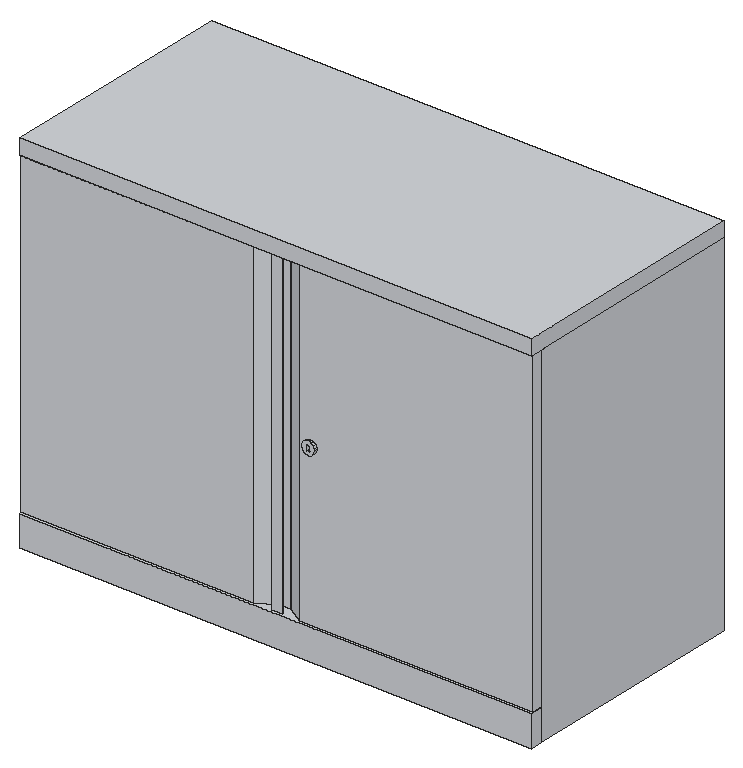
Revit family "Essentials Cupoard", category Furniture, Revit 2018
Family settings
  OmniClass Number = 23.40.20.00
  OmniClass Title = General Furniture and Specialties
  Work Plane-Based = No
  Always vertical = Yes
  Cut with Voids When Loaded = No
  Shared = No
  Room Calculation Point = No
Parameters (values of type "YECBDH1007")
  Width = 1000 mm
  Weight = ""
  Warranty = "5 Years"  # constant formula
  Uniclass2015Version = "V1.13"  # constant formula
  Uniclass2015Title = "Shelves and Storage Units"  # constant formula
  Uniclass 2015 Code = "PR_40_30_78_57"  # constant formula
  URL = "www.bisley.com"
  Training Requirements for Operational Use = "N/A"  # constant formula
  Routine Maintenance = "We recommend you clean your unit with warm water and a mild detergent solution. A damp cloth can be used to remove dust particles."  # constant formula
  Revision = "V1"  # constant formula
  Range = "Essentals"  # constant formula
  Model Reference = "YECB1007"
  Model = Model Reference  # "YECB1007"
  Manufacturer = "Bisley"  # constant formula
  Height = 718 mm
  Finish = "Powder coated Steel"  # constant formula
  Expected Life = ">5 years"  # constant formula
  Door_Material = Steel, Mild
  Door size = Doors : YECBDH1007
  Depth = 470 mm  # constant formula
  Compliance Standards Certification = "BS EN 14073-2:2004 Parts 2 and 3 and BS EN 14074:2004"  # constant formula
  Colour = "Classic"  # constant formula
  Carcass_Material = Steel, Mild
  Carcass Size = Carcass : YECBDH1007
  Author = "Bisley"  # constant formula
Types (20, lengths in mm): name | Width | URL | Model Reference | Model | Height | Door_Material | Door size | Carcass_Material | Carcass Size
  (no name) | 1000 | "www.bisley.com" | "YECB1007" | "YECB1007" | 718 | Steel, Mild | Doors : YECBDH1007 | Steel, Mild | Carcass : YECBDH1007
  YECB0807 | 800 | "www.bisley.com" | "YECB0907" | "YECB0907" | 693 | Steel, Mild | Doors : YECB0807 | Steel, Mild | Carcass : YECB0807
  YECBDH0807 | 800 | "www.bisley.com" | "YECB0807" | "YECB0807" | 718 | Steel, Mild | Doors : YECBDH0807 | Steel, Mild | Carcass : YECBDH0807
  YECB0810 | 800 | "WWW.BISLEY.COM" | "YECB0810" | "YECB0810" | 1000 | Steel, Mild | Doors : YECB0810 | Steel, Mild | Carcass : YECB0810
  YECB0811 | 800 | "www.bisley.com" | "YECB0811" | "YECB0811" | 1070 | Steel, Mild | Doors : YECB0811 | Steel, Mild | Carcass : YECB0811
  YECB0812 | 800 | "www.bisley.com" | "YECB0812" | "YECB0812" | 1270 | Steel, Mild | Doors : YECB0812 | Steel, Mild | Carcass : YECB0812
  YECB0815 | 800 | "www.bisley.com" | "YECB0815" | "YECB0815" | 1570 | Steel, Mild | Doors : YECB0815 | Steel, Mild | Carcass : YECB0815
  YECB0819 | 800 | "www.bisley.com" | "YECB0919" | "YECB0919" | 1970 | Steel, Mild | Doors : YECB0819 | Steel, Mild | Carcass : YECB0819
  YECB0910 | 900 | "www.bisley.com" | "YECB0910" | "YECB0910" | 1000 | none | Doors : YECB0910 | none | Carcass : YECB0910
  YECB0911 | 900 | "www.bisley.com" | "YECB0911" | "YECB0911" | 1070 | Steel, Mild | Doors : YECB0911 | Steel, Mild | Carcass : YECB0911
  YECB0912 | 900 | "www.bisley.com" | "YECB0912" | "YECB0912" | 1270 | Steel, Mild | Doors : YECB0912 | Steel, Mild | Carcass : YECB0912
  YECB0915 | 900 | "www.bisley.com" | "YECB0915" | "YECB0915" | 1570 | Steel, Mild | Doors : YECB0915 | Steel, Mild | Carcass : YECB0915
  YECB0919 | 900 | "www.bisley.com" | "YECB0919" | "YECB0919" | 1970 | Steel, Mild | Doors : YECB0919 | Steel, Mild | Carcass : YECB0919
  YECB1007 | 1000 | "www.bisley.com" | "YECB1007" | "YECB1007" | 693 | Steel, Mild | Doors : YECB1007 | Steel, Mild | Carcass : YECB1007
  YECBDH1007 | 1000 | "www.bisley.com" | "YECB1007" | "YECB1007" | 718 | Steel, Mild | Doors : YECBDH1007 | Steel, Mild | Carcass : YECBDH1007
  YECB1010 | 1000 | "www.bisley.com" | "YECB1010" | "YECB1010" | 1000 | Steel, Mild | Doors : YECB1010 | Steel, Mild | Carcass : YECB1010
  YECB1011 | 1000 | "www.bisley.com" | "YECB1011" | "YECB1011" | 1070 | Steel, Mild | Doors : YECB1011 | Steel, Mild | Carcass : YECB1011
  YECB1012 | 1000 | "www.bisley.com" | "YECB1012" | "YECB1012" | 1270 | Steel, Mild | Doors : YECB1012 | Steel, Mild | Carcass : YECB1012
  YECB1015 | 1000 | "www.bisley.com" | "YECB1015" | "YECB1015" | 1570 | Steel, Mild | Doors : YECB1015 | Steel, Mild | Carcass : YECB1015
  YECB1019 | 1000 | "www.bisley.com" | "YECB1019" | "YECB1019" | 1970 | Steel, Mild | Doors : YECB1019 | Steel, Mild | Carcass : YECB1019
Reference planes
  plane 1 "Center (Front/Back)": y = 0
  plane 2: z = 0
  plane 3 "Center (Left/Right)": x = 0
  plane 4: y = 235
  plane 5: y = -235
  plane 6: x = -500
  plane 7: x = 500
  plane 8: z = 718
  plane 9: z = 686
  plane 10: y = -197.035
  plane 11: y = -232
Dimensions and locks
  equal spacing: plane 6, plane 3 "Center (Left/Right)", plane 7
  "Width": plane 6 to plane 7
  equal spacing: plane 4, plane 1 "Center (Front/Back)", plane 5
  "Depth": plane 5 to plane 4
  "Height": plane 8 to level
  plane 8 to plane 9 = 32 mm
  locked: plane 5 to plane 11 at 3
  aligned and locked: level to plane 2
  aligned and locked: plane 6 to nested 1
  aligned and locked: plane 7 to nested 1
  aligned and locked: nested 1 to plane 4
  aligned and locked: plane 5 to nested 1
  aligned and locked: nested 2 to plane 9
  aligned and locked: plane 6 to nested 2
  aligned and locked: nested 2 to plane 11
Nested families
  nested 1: "Carcass" at (-500, 235, 0), type <- "Carcass Size", type "YECBDH1007"
  nested 2: "Doors" at (0, -222.25, 62.5), type <- "Door size", type "YECBDH1007"
Definition of nested family "Carcass"
  Parameters (values of type "YECB0819")
    Width = 800 mm
    Wall Height = Height - 30 mm  # 1940 mm
    Height = 1970 mm
  Types (20, lengths in mm): name | Width | Wall Height | Height
    (no name) | 800 | 1940 | 1970
    YECB0807 | 800 | 663 | 693
    YECBDH0807 | 800 | 688 | 718
    YECB0810 | 800 | 970 | 1000
    YECB0811 | 800 | 1040 | 1070
    YECB0812 | 800 | 1240 | 1270
    YECB0815 | 800 | 1540 | 1570
    YECB0819 | 800 | 1940 | 1970
    YECB0910 | 900 | 970 | 1000
    YECB0911 | 900 | 1040 | 1070
    YECB0912 | 900 | 1240 | 1270
    YECB0915 | 900 | 1540 | 1570
    YECB0919 | 900 | 1940 | 1970
    YECB1007 | 1000 | 663 | 693
    YECBDH1007 | 1000 | 688 | 718
    YECB1011 | 1000 | 1040 | 1070
    YECB1010 | 1000 | 970 | 1000
    YECB1012 | 1000 | 1240 | 1270
    YECB1015 | 1000 | 1540 | 1570
    YECB1019 | 1000 | 1940 | 1970
  Reference planes
    plane 1 "Center (Front/Back)": y = 0
    plane 2: z = 0
    plane 3 "Center (Left/Right)": x = 0
    plane 4: y = -445
    plane 5: y = -470
    plane 6: x = 800
    plane 7: z = 60.5
    plane 8: z = 88
    plane 9: x = 799
    plane 10: x = 1
    plane 11: y = -1
    plane 12: y = -444
    plane 13: y = -16
    plane 14: x = 784
    plane 15: x = 16
    plane 16: z = 1940
    plane 17: z = 1970
  Forms (mm)
    Extrusion 1, solid
      sketch origin (0, 0, 0) x (1, 0, 0) y (0, 1, 0)
        loop
          line (0, -445) -> (0, -470) -> (800, -470) -> (800, -445) -> (0, -445)
      from 0 to 60.5
    Extrusion 2, solid
      sketch origin (0, 0, 0) x (1, 0, 0) y (0, 1, 0)
        loop
          line (1, -1) -> (1, -444) -> (799, -444) -> (799, -1) -> (1, -1)
      from 0 to 88
    Extrusion 3, solid
      sketch origin (0, 0, 0) x (1, 0, 0) y (0, 1, 0)
        loop
          line (16, -445) -> (16, -16) -> (784, -16) -> (784, -445) -> (800, -445) -> (800, 0) -> (0, 0) -> (0, -445) -> (16, -445)
      from 0 to 1940
    Extrusion 4, solid
      sketch origin (0, 0, 0) x (1, 0, 0) y (0, 1, 0)
        loop
          line (0, 0) -> (0, -470) -> (800, -470) -> (800, 0) -> (0, 0)
      from 1970 to 1940
  Dimensions and locks
    locked: plane 4 to plane 1 "Center (Front/Back)" at 445
    locked: plane 4 to plane 5 at 25
    "Width": plane 3 "Center (Left/Right)" to plane 6
    locked: plane 8 to level at 88
    locked: plane 7 to level at 60.5
    locked: plane 1 "Center (Front/Back)" to plane 11 at 1
    locked: plane 4 to plane 12 at 1
    locked: plane 3 "Center (Left/Right)" to plane 10 at 1
    locked: plane 9 to plane 6 at 1
    locked: plane 11 to plane 13 at 15
    locked: plane 10 to plane 15 at 15
    locked: plane 14 to plane 9 at 15
    "Wall Height": plane 16 to level
    locked: plane 17 to plane 16 at 30
    aligned and locked: level to plane 2
    aligned and locked: plane 4 to Extrusion 1
    aligned and locked: plane 6 to Extrusion 1
    aligned and locked: Extrusion 1 to plane 5
    aligned and locked: Extrusion 1 to plane 3 "Center (Left/Right)"
    aligned and locked: plane 7 to Extrusion 1
    aligned and locked: Extrusion 3 to plane 13
    aligned and locked: Extrusion 3 to plane 14
    aligned and locked: plane 15 to Extrusion 3
    aligned and locked: plane 16 to Extrusion 3
    aligned and locked: Extrusion 3 to level
    aligned and locked: Extrusion 3 to plane 1 "Center (Front/Back)"
    aligned and locked: plane 6 to Extrusion 3
    aligned and locked: Extrusion 3 to plane 4  (x2)
    aligned and locked: plane 12 to Extrusion 2
    aligned and locked: Extrusion 3 to plane 3 "Center (Left/Right)"
    aligned and locked: plane 11 to Extrusion 2
    aligned and locked: plane 9 to Extrusion 2
    aligned and locked: Extrusion 4 sketch curve to Extrusion 3  (x2)
    aligned and locked: Extrusion 4 sketch curve to Extrusion 1  (x2)
    aligned and locked: Extrusion 3 to Extrusion 4
    aligned and locked: plane 17 to Extrusion 4
    aligned and locked: Extrusion 4 to plane 16
  Automatic sketch dimensions
    Extrusion 1 sketch curve to plane 3 "Center (Left/Right)" = 0 mm
    Extrusion 1 sketch curve to plane 5 = 0 mm
    Extrusion 1 sketch curve to plane 6 = 0 mm
    Extrusion 1 sketch curve to plane 4 = 0 mm
    Extrusion 3 sketch curve to plane 10 = 1 mm
    plane 12 to Extrusion 3 sketch curve = 1 mm  (x2)
    plane 15 to Extrusion 3 sketch curve = 0 mm
    Extrusion 3 sketch curve to plane 14 = 0 mm
    plane 9 to Extrusion 3 sketch curve = 1 mm
    Extrusion 3 sketch curve to plane 13 = 0 mm
    plane 11 to Extrusion 3 sketch curve = 1 mm
    plane 3 "Center (Left/Right)" to Extrusion 2 sketch curve = 1 mm
    plane 11 to Extrusion 2 sketch curve = 0 mm
    Extrusion 2 sketch curve to plane 6 = 1 mm
    plane 4 to Extrusion 2 sketch curve = 1 mm
Definition of nested family "Doors"
  Parameters (values of type "YECB1019")
    Unit Width = 1000 mm
    Unit Height = 1970 mm
    Door Width = (Unit Width / 2) - 44 mm  # 456 mm
    Door Height = Unit Height - 94.5 mm  # 1875.5 mm
  Types (20, lengths in mm): name | Unit Width | Unit Height | Door Width | Door Height
    (no name) | 1000 | 1970 | 456 | 1875.5
    YECB0807 | 800 | 693 | 356 | 598.5
    YECBDH0807 | 800 | 718 | 356 | 623.5
    YECB0810 | 800 | 1000 | 356 | 905.5
    YECB0811 | 800 | 1070 | 356 | 975.5
    YECB0812 | 800 | 1270 | 356 | 1175.5
    YECB0815 | 800 | 1570 | 356 | 1475.5
    YECB0819 | 800 | 1970 | 356 | 1875.5
    YECB0910 | 900 | 1000 | 406 | 905.5
    YECB0911 | 900 | 1070 | 406 | 975.5
    YECB0912 | 900 | 1270 | 406 | 1175.5
    YECB0915 | 900 | 1570 | 406 | 1475.5
    YECB0919 | 900 | 1970 | 406 | 1875.5
    YECB1007 | 1000 | 693 | 456 | 598.5
    YECBDH1007 | 1000 | 718 | 456 | 623.5
    YECB1010 | 1000 | 1000 | 456 | 905.5
    YECB1011 | 1000 | 1070 | 456 | 975.5
    YECB1012 | 1000 | 1270 | 456 | 1175.5
    YECB1015 | 1000 | 1570 | 456 | 1475.5
    YECB1019 | 1000 | 1970 | 456 | 1875.5
  Reference planes
    plane 1 "Center (Front/Back)": y = 0
    plane 2: z = 0
    plane 3 "Center (Left/Right)": x = 0
    plane 4: y = 9.75
    plane 5: y = -9.75
    plane 6: x = -500
    plane 7: x = 500
    plane 8: x = 44
    plane 9: x = 11.5
    plane 10: y = 9.05
    plane 11: x = -9.77
    plane 12: x = -44.46
    plane 13: z = 1875.5
    plane 14: z = 937.75
    plane 15: z = 942.75
    plane 16: x = 65.23
  Forms (mm)
    Extrusion 1, solid
      sketch origin (0, 0, 0) x (1, 0, 0) y (0, 1, 0)
        loop
          line (500, 9.75) -> (44, 9.75) -> (-9.77, 9.75) -> (-9.77, -9.75) -> (11.5, -9.75) -> (11.5, -8.692) -> (-9.142, -8.692) -> (-9.142, 9.05) -> (11.5, 9.05) -> (44, -9.75) -> (500, -9.75) -> (500, 9.75)
      from 0 to 1875.5
    Extrusion 2, solid
      sketch origin (0, 0, 0) x (1, 0, 0) y (0, 1, 0)
        loop
          line (-44.46, -9.75) -> (-9.77, 9.75) -> (11.5, 9.75) -> (11.5, 10.851) -> (-9.77, 10.851) -> (-11.729, 9.75) -> (-44.46, 9.75) -> (-500, 9.75) -> (-500, -9.75) -> (-44.46, -9.75)
      from 0 to 1875.5
  Dimensions and locks
    equal spacing: plane 6, plane 3 "Center (Left/Right)", plane 7
    equal spacing: plane 4, plane 1 "Center (Front/Back)", plane 5
    "Unit Width": plane 6 to plane 7
    plane 4 to plane 5 = 19.5 mm
    "Door Width": plane 8 to plane 7
    locked: plane 9 to plane 8 at 32.5
    plane 4 to plane 10 = 0.7 mm
    plane 11 to plane 3 "Center (Left/Right)" = 9.77 mm
    locked: plane 12 to plane 3 "Center (Left/Right)" at 44.46
    "Door Height": plane 13 to level
    equal spacing: plane 13, plane 14, level
    plane 15 to plane 14 = 5 mm
    locked: plane 16 to plane 11 at 75
    aligned and locked: level to plane 2
    aligned and locked: plane 4 to Extrusion 1 sketch curve
    aligned and locked: Extrusion 1 sketch curve to plane 7
    aligned and locked: Extrusion 1 sketch curve to plane 5
    aligned and locked: Extrusion 1 to plane 11
    aligned and locked: Extrusion 1 to plane 9
    aligned and locked: plane 5 to Extrusion 1
    aligned and locked: plane 4 to Extrusion 1
    aligned and locked: Extrusion 1 to plane 7
    aligned and locked: Extrusion 1 to plane 10
    aligned and locked: plane 5 to Extrusion 2
    aligned and locked: plane 4 to Extrusion 2  (x2)
    aligned and locked: Extrusion 2 to plane 6
    aligned and locked: Extrusion 2 to plane 9
    aligned and locked: Extrusion 2 to plane 4
    aligned and locked: plane 13 to Extrusion 2
    aligned and locked: Extrusion 1 to Extrusion 2
    aligned and locked: plane 15 to nested 1
    aligned and locked: plane 16 to nested 1
  Automatic sketch dimensions
    Extrusion 1 sketch curve to plane 11 = 0 mm
    Extrusion 1 sketch curve to plane 10 = 0 mm
    Extrusion 1 sketch curve to plane 9 = 0 mm  (x2)
    plane 5 to Extrusion 1 sketch curve = 0 mm
    plane 11 to Extrusion 1 sketch curve = 0.628 mm
    Extrusion 1 sketch curve to plane 5 = 1.058 mm
    Extrusion 1 sketch curve to plane 8 = 0 mm  (x2)
    Extrusion 2 sketch curve to plane 6 = 0 mm
    plane 5 to Extrusion 2 sketch curve = 0 mm
    Extrusion 2 sketch curve to plane 4 = 0 mm  (x2)
    Extrusion 2 sketch curve to plane 12 = 0 mm  (x2)
    Extrusion 2 sketch curve to plane 11 = 0 mm  (x2)
    Extrusion 2 sketch curve to plane 9 = 0 mm
    Extrusion 2 sketch curve to plane 11 = 1.959 mm
    Extrusion 2 sketch curve to Extrusion 2 sketch curve = 1.101 mm
  Nested families
    nested 1: "Basic AB Lock" at (65.23, -9.75, 937.75), type "Basic AB Lock"
  Definition of nested family "Basic AB Lock"
    Reference planes
      plane 1 "Center (Front/Back)": y = 0
      plane 2: z = 0
      plane 3 "Center (Left/Right)": x = 0
    Forms (mm)
      Extrusion 1, solid
        sketch origin (0, 0, 0) x (1, 0, 0) y (0, 0, 1)
          loop
            circle (0, 0) r 12.5
        from 0 to 5
      Extrusion 2, void
        sketch origin (0, 0, 0) x (1, 0, 0) y (0, 0, 1)
          loop
            line (-2.066, 5) -> (-2.066, -4.92) -> (2.194, -4.92) -> (2.194, 5) -> (-2.066, 5)
        from -11.596 to 23.024
    Cuts and joins
      Extrusion 2 cuts Extrusion 1
    Dimensions and locks
      aligned and locked: level to plane 2
